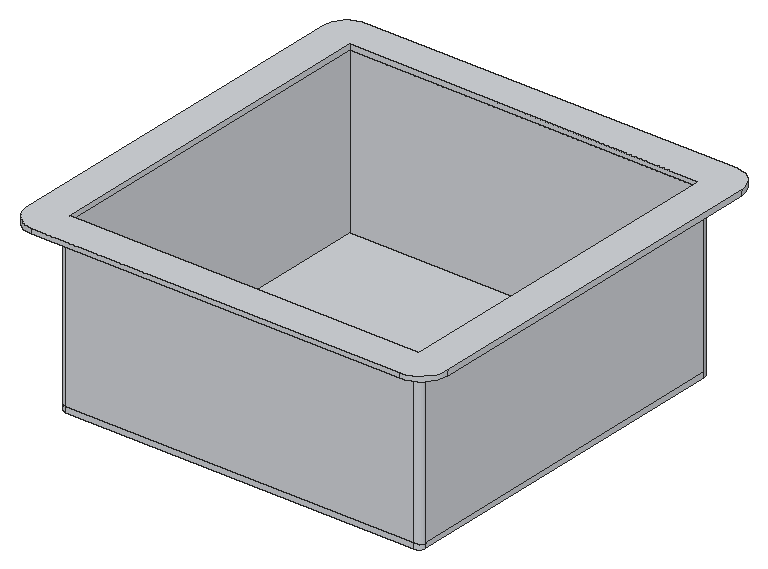
Revit family "PDLB1", category Generic Models, Revit 2017
Family settings
  Can host rebar = No
  Round Connector Dimension = Use Diameter
  Part Type = Normal
  Work Plane-Based = Yes
  Always vertical = No
  Cut with Voids When Loaded = No
  Shared = No
  Room Calculation Point = No
Parameters (values of type "NBS Standard Parameters")
  Weight = "0.0565Kg"
  WarrantyStartDate [instance] = "1900-12-31T23:59:59"
  WarrantyGuarantorParts = "n/a"
  WarrantyGuarantorLabor = "n/a"
  WarrantyDurationUnit = "1 year"
  WarrantyDurationParts = "n/a"
  WarrantyDurationLabor = "n/a"
  WarrantyDescription = "n/a"
  Version = "1"
  Uniclass2 = "Pr_65_72_97_84"
  TagNumber [instance] = "n/a"
  SustainabilityPerformance = "n/a"
  Size = "35mm"
  Shape = "Square"
  SerialNumber [instance] = "n/a"
  Revision = "n/a"
  ReplacementCost = "n/a"
  ProductInformation = "www.metpro.co.uk/pdf/pdlb1.pdf"
  NominalWidth = 83.4 mm
  NominalLength = 83.4 mm
  NominalHeight = 35 mm
  Name = ""
  NBSTypeID = ""
  NBSReference = "90-60-25/345"
  NBSOfficeMasterTag = ""
  NBSNote = ""
  NBSDescription = "Standard Socket Outlets"
  NBSCertification = ""
  ModelReference = "PDLB1"
  ModelNumber = "n/a"
  Material = "PVC"
  ManufacturerURL = "www.metpro.co.uk"
  ManufacturerName = "Metpro Ltd"
  Keynote = ""
  InstallationDate [instance] = "1900-12-31T23:59:59"
  IfcExportType = ""
  IfcExportAs = ""
  Grade = "n/a"
  Finish = "White"
  Features = "n/a"
  ExpectedLife = "n/a"
  DurationUnit = "year"
  Description = "PDLB1 - 35mm Dry Lining Box - 1 Gang"
  Default Elevation = 1219.2 mm
  Constituents = "n/a"
  Color = "n/a"
  CodePerformance = "n/a"
  Category = "n/a"
  BarCode [instance] = "n/a"
  BIMObjectName = "Metpro_metprolibrary_Standardsocketoutlets_switchandsocketboxes_PVC"
  Author = "Metpro Ltd"
  AssetType = ""
  AssetIdentifier [instance] = "n/a"
  AccessibilityPerformance = "n/a"
Reference planes
  plane 1 "Center (Front/Back)": y = 0
  plane 2: z = 0
  plane 3 "Center (Left/Right)": x = 0
Forms (mm)
  Extrusion 1, solid
    sketch origin (0, 0, 0) x (1, 0, 0) y (0, 1, 0)
      loop
        arc (-48.147, -80.52) -> (-47.157, -80.11) -> (-46.747, -79.12) r 1.4
        line (-46.747, -79.12) -> (-46.747, -8.92)
        arc (-46.747, -8.92) -> (-47.157, -7.93) -> (-48.147, -7.52) r 1.4
        line (-48.147, -7.52) -> (-118.347, -7.52)
        arc (-118.347, -7.52) -> (-119.337, -7.93) -> (-119.747, -8.92) r 1.4
        line (-119.747, -8.92) -> (-119.747, -79.12)
        arc (-119.747, -79.12) -> (-119.337, -80.11) -> (-118.347, -80.52) r 1.4
        line (-118.347, -80.52) -> (-48.147, -80.52)
    from 0 to 1
  Extrusion 2, solid
    sketch origin (0, 0, 0) x (1, 0, 0) y (0, 1, 0)
      loop
        line (-46.747, -79.12) -> (-46.747, -8.885)
        arc (-46.747, -8.885) -> (-47.147, -7.92) -> (-48.112, -7.52) r 1.365
        line (-48.112, -7.52) -> (-118.373, -7.52)
        arc (-118.373, -7.52) -> (-119.345, -7.922) -> (-119.747, -8.894) r 1.374
        line (-119.747, -8.894) -> (-119.747, -79.12)
        arc (-119.747, -79.12) -> (-119.337, -80.11) -> (-118.347, -80.52) r 1.4
        line (-118.347, -80.52) -> (-48.147, -80.52)
        arc (-48.147, -80.52) -> (-47.157, -80.11) -> (-46.747, -79.12) r 1.4
      loop
        line (-47.947, -79.32) -> (-47.947, -8.72) -> (-118.547, -8.72) -> (-118.547, -79.32) -> (-47.947, -79.32)
    from 0 to 34
  Extrusion 3, solid
    sketch origin (0, 0, 34) x (1, 0, 0) y (0, 1, 0)
      loop
        line (-47.947, -8.72) -> (-118.547, -8.72) -> (-118.547, -79.32) -> (-47.947, -79.32) -> (-47.947, -8.72)
      loop
        arc (-40.947, -6.72) -> (-42.412, -3.184) -> (-45.947, -1.72) r 5
        line (-45.947, -1.72) -> (-120.547, -1.72)
        arc (-120.547, -1.72) -> (-124.083, -3.184) -> (-125.547, -6.72) r 5
        line (-125.547, -6.72) -> (-125.547, -81.32)
        arc (-125.547, -81.32) -> (-124.083, -84.855) -> (-120.547, -86.32) r 5
        line (-120.547, -86.32) -> (-46.347, -86.32)
        arc (-46.347, -86.32) -> (-42.529, -84.738) -> (-40.947, -80.92) r 5.4
        line (-40.947, -80.92) -> (-40.947, -6.72)
    from 0 to 1
Dimensions and locks
  aligned and locked: level to plane 2
